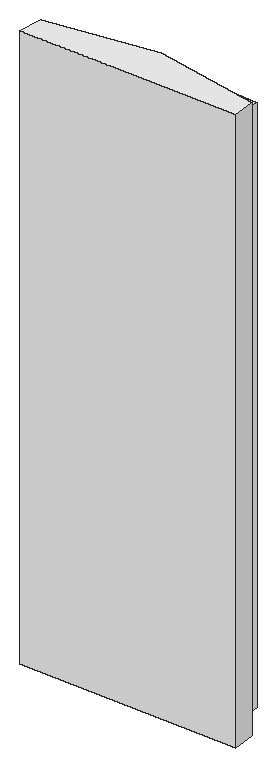
Revit family "JC KONTAKTER JCK109 Armbågskontakt", category Specialty Equipment, host Wall, Revit 2025
Family settings
  Host = Wall
  Round Connector Dimension = Use Diameter
  Part Type = Normal
  Enable Cutting in Views = Yes
  Always vertical = Yes
  Cut with Voids When Loaded = No
  Maintain Annotation Orientation = No
  Shared = No
  Room Calculation Point = No
Parameters (values of type "Armbågskontakt JCK109")
  URL = "https://jckontakter.se/produkt/armbagskontakter/armbagskontakt-jck109/"
  Tillverkningsland = "Sverige"
  Tillvalsförteckning = "https://jckontakter.se/wp-content/uploads/sites/2/Tillval_metall_2024.pdf"
  Tekniskt produktblad = "https://jckontakter.se/wp-content/uploads/2019/06/JCK109.pdf"
  Produktvikt = "0.216 kg"
  Placering av armbågskontakt = "https://jckontakter.se/start/nyheter-och-information/armbagskontakter-placering-riktlinjer/"
  Nominell märkström = "0,1A - 10 A/250 V AC"
  Model = "JCK109"  # constant formula
  Mikrobrytare = "Standard NO IP67"
  Manufacturer = "JC Kontakter"  # constant formula
  Lägsta märkström = "1mA/4 V DC"
  Core Finish = ABS 750SW (Vit)
  Keynote = ""
  Lid Finish = ABS 750SW (Vit)
  Description = "Robust armbågskontakt i tålig ABS-plast, med vitt lock och vit underdel.\r\nJCK109 levereras med 1st mikrobrytare i IP67, men går även att beställa med fler."  # constant formula
  Default Elevation = 0 mm
  CE Dokument = "https://jckontakter.se/wp-content/uploads/CE_Dokument.pdf"
  Assembly Code = ""
  Antal mikrobrytare = 1
Reference planes
  plane 1 "Wall": y = 0
  plane 2 "Center (Left/Right)": x = 125
  plane 3 "Back": y = 75
  plane 4 "A": z = 800
Lines and regions (mm)
  Masking region 1
    outline origin (0, 0, -100) x (1, 0, 0) y (0, 0, 1)
      loop
        line (175, 1145) -> (75, 1145) -> (75, 900) -> (175, 900) -> (175, 1145)
  symbolic lines
    curve 1: line (75, 125, 0) -> (175, 125, 0)
    curve 2: line (75, 75, 0) -> (75, 125, 0)
    curve 3: line (175, 75, 0) -> (75, 75, 0)
    curve 4: line (175, 125, 0) -> (175, 75, 0)
    curve 5: line (175, 0, 1045) -> (75, 0, 1045)
    curve 6: line (175, 0, 800) -> (175, 0, 1045)
    curve 7: line (75, 0, 800) -> (175, 0, 800)
    curve 8: line (75, 0, 1045) -> (75, 0, 800)
Text (mm)
  text "Placement Side" at (-1848.837, 1116.779, 0), in view "Ref. Level"
  text "Placement side" at (0, 1409.804, 2854.306), in view "Left"
  text "Placement side" at (0, 499.811, 2980.732), in view "Right"
Dimensions and locks
  locked: plane 3 "Back" to host wall
  locked: curve 3 to curve 1 at 50
  aligned and locked: plane 1 "Wall" to host wall
  aligned and locked: nested 1 to plane 3 "Back"
  aligned and locked: curve 3 to plane 3 "Back"
  aligned and locked: plane 4 "A" to curve 7
  aligned and locked: curve 6 to Masking region 1
  aligned and locked: Masking region 1 to curve 8
Nested families
  nested 1: "AK_109" at (125, 75, 800) x (-1, 0, 0) z (0, 0, 1), type "AK_109", detail levels medium+fine
Definition of nested family "AK_109"
  Parameters (values of type "AK_109")
    URL = "https://jckontakter.se/produkt/armbagskontakter/armbagskontakt-jck109/"
    Model = "JCK109"  # constant formula
    Manufacturer = "JC Kontakter"  # constant formula
    Lid Finish = none
    Core Finish = none
    Description = "Robust armbågskontakt i tålig ABS-plast, med vitt lock och vit underdel.\r\nJCK109 levereras med 1st mikrobrytare i IP67, men går även att beställa med fler."  # constant formula
    Default Elevation = 0 mm
  Reference planes
    plane 1 "Center (Front/Back)": y = 0
    plane 2: z = 0
    plane 3 "Center (Left/Right)": x = 0
    plane 4 "1": x = 47.5
    plane 5 "A": z = 5
    plane 6 "B": z = 245
  Forms (mm)
    Extrusion 1, solid, material <- "Core Finish"
      sketch origin (0, 0, 0) x (1, 0, 0) y (0, 1, 0)
        loop
          line (-47.5, 0) -> (-46.5, -10) -> (0, -18) -> (46.5, -10) -> (47.5, 0) -> (-47.5, 0)
      from 0 to 250
    Extrusion 2, void
      sketch origin (0, 0, 0) x (1, 0, 0) y (0, 1, 0)
        loop
          line (-42.5, -4) -> (-42.5, -18.223) -> (42.5, -18.223) -> (42.5, -4) -> (-42.5, -4)
      from 5 to 245
    Extrusion 3, solid, material <- "Lid Finish"
      sketch origin (0, 0, 5) x (-1, 0, 0) y (0, -1, 0)
        loop
          line (-42, 6) -> (42, 6) -> (41.473, 18.808) -> (-26.802, 21.808) -> (-41.637, 14.808) -> (-42, 6)
      from 0.5 to 239.5
  Cuts and joins
    Extrusion 2 cuts Extrusion 1
  Dimensions and locks
    aligned and locked: level to plane 2
